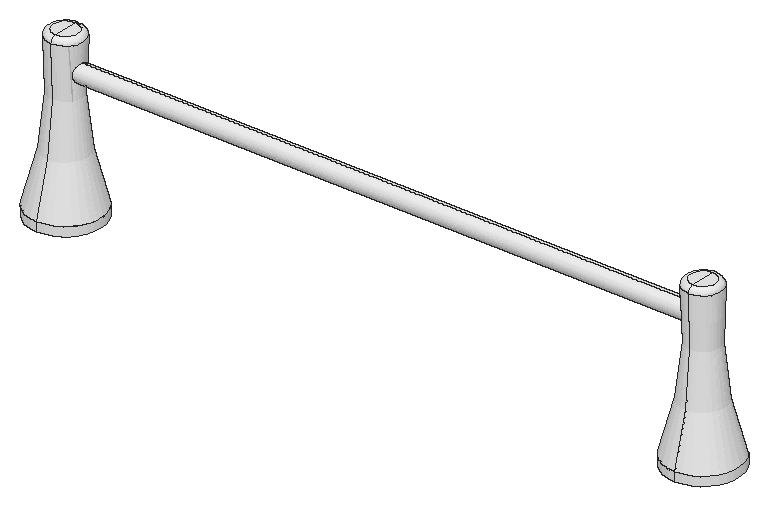
Revit family "xTowel_Bar-American_Standard-C_Series-8337_Series", category Specialty Equipment, host Face, Revit 2014
Parameters (values of type "8337.018")
  Width = 18"
  Warranty Information = "1 Year Warranty"
  URL = "http://www.americanstandard-us.com"
  Type Comments = ""
  Revised Date = "11/22/2016"
  Product Page URL = "https://www.americanstandard-us.com/bathroom/bathroom-accessories/c-series-18-inch-towel-bar-22904"
  Product Documentation Link = "https://www.americanstandard-us.com/-/media/sites/asus/files/product-specs/bulk/specsheet8337018.pdf?la=en"
  Price = "Prices may vary. Please consult Manufacturer Representative for most up-to-date price list."  # constant formula
  Model = "8337.018"
  Material = "Metal-American Standard-002-Polished Chrome"
  Manufacturer = "American Standard"
  Length = 4 11/16"
  Installation Type = "Wall Mounted"
  Height = 2"
  Finish = Metal-American Standard-002-Polished Chrome
  Description = "C Series 18\" Towel Bar."
  Default Elevation = 40"
  Creation Date = "04/04/2014"
  Assembly Code = "C1030220"
Types (3): name | Width | Product Page URL | Product Documentation Link | Model | Description
  (no name) | 18" | "https://www.americanstandard-us.com/bathroom/bathroom-accessories/c-series-18-inch-towel-bar-22904" | "https://www.americanstandard-us.com/-/media/sites/asus/files/product-specs/bulk/specsheet8337018.pdf?la=en" | "8337.018" | "C Series 18\" Towel Bar."
  8337.024 | 24" | "https://www.americanstandard-us.com/bathroom/bathroom-accessories/c-series-24-inch-towel-bar-22908" | "https://www.americanstandard-us.com/-/media/sites/asus/files/product-specs/bulk/specsheet8337024.pdf?la=en" | "8337.024" | "C Series 24\" Towel Bar."
  8337.018 | 18" | "https://www.americanstandard-us.com/bathroom/bathroom-accessories/c-series-18-inch-towel-bar-22904" | "https://www.americanstandard-us.com/-/media/sites/asus/files/product-specs/bulk/specsheet8337018.pdf?la=en" | "8337.018" | "C Series 18\" Towel Bar."
Reference planes (in)
  plane 1 "Center (Front/Back)": y = 0
  plane 2: z = 0
  plane 3 "Center (Left/Right)": x = 0
  plane 4 "Floor Level": y = -40
  plane 5: y = 1
  plane 6: y = -1
  plane 7: x = -9
  plane 8: x = 9
  plane 9: z = 3.75
Forms (in)
  Extrusion 1, solid, material "Metal-American Standard-002-Polished Chrome" <- "Finish"
    sketch origin (3, 0, 0) x (0, 0, -1) y (0, 1, 0)
      loop
        circle (-3.75, 0) r 0.25
    from -12 to 6
  Revolve 2, solid, material "Metal-American Standard-002-Polished Chrome" <- "Finish"
    sketch origin (9, 0, 0) x (0, 0, -1) y (0, -1, 0)
      loop
        line (0, -1) -> (0, 0) -> (-4.6875, 0) -> (-4.6875, -0.35108)
        arc (-4.6875, -0.35108) -> (-4.64272, -0.4592) -> (-4.5346, -0.50399) r 0.1529
        arc (-4.5346, -0.50399) -> (-2.36415, -0.50882) -> (-0.25, -1) r 9.62211
        line (-0.25, -1) -> (0, -1)
      axis (-4.6875, 0) -> (0, 0)
    angle from 0 to 360
  Revolve 3, solid, material "Metal-American Standard-002-Polished Chrome" <- "Finish"
    sketch origin (-9, 0, 0) x (0, 0, -1) y (0, 1, 0)
      loop
        line (0, 1) -> (-0.25, 1)
        arc (-0.25, 1) -> (-2.36415, 0.50882) -> (-4.5346, 0.50399) r 9.62211
        arc (-4.5346, 0.50399) -> (-4.64272, 0.4592) -> (-4.6875, 0.35108) r 0.1529
        line (-4.6875, 0.35108) -> (-4.6875, 0) -> (0, 0) -> (0, 1)
      axis (-4.6875, 0) -> (0, 0)
    angle from 0 to 360
Cuts and joins
  joined: Extrusion 1, Revolve 2, Revolve 3
Lines and regions (in)
  Masking region 1
    outline origin (0, 0, 0) x (1, 0, 0) y (0, 0, 1)
      loop
        arc (-8.49601, 4.5346) -> (-8.54052, 4.64206) -> (-8.64798, 4.68657) r 0.15197
        line (-8.64798, 4.68657) -> (-9.35202, 4.68657)
        arc (-9.35202, 4.68657) -> (-9.45948, 4.64206) -> (-9.50399, 4.5346) r 0.15197
        arc (-9.50399, 4.5346) -> (-9.50946, 2.36422) -> (-10, 0.25) r 9.64688
        line (-10, 0.25) -> (-10, 0) -> (-8.00056, 0) -> (-8.00056, 0.25)
        arc (-8.00056, 0.25) -> (-8.41711, 1.84949) -> (-8.55451, 3.49661) r 9.64657
        line (-8.55451, 3.49661) -> (8.63341, 3.49661)
        arc (8.63341, 3.49661) -> (8.46856, 1.84606) -> (8.02376, 0.24804) r 9.66006
        line (8.02376, 0.24804) -> (8.02376, 0) -> (10.00626, 0) -> (10.00626, 0.25382)
        arc (10.00626, 0.25382) -> (9.51487, 2.37296) -> (9.51089, 4.54834) r 9.64489
        arc (9.51089, 4.54834) -> (9.46287, 4.66427) -> (9.34694, 4.71229) r 0.16395
        line (9.34694, 4.71229) -> (8.6112, 4.71229)
        arc (8.6112, 4.71229) -> (8.48556, 4.66024) -> (8.43351, 4.5346) r 0.17769
        arc (8.43351, 4.5346) -> (8.45951, 4.26505) -> (8.47794, 3.99488) r 9.64688
        line (8.47794, 3.99488) -> (-8.54044, 3.99488)
        arc (-8.54044, 3.99488) -> (-8.52201, 4.26505) -> (-8.49601, 4.5346) r 9.64688
  symbolic lines, detail levels medium+fine
    curve 1: arc (8.47794, 0, 3.99488) -> (8.48944, 0, 3.74587) -> (8.49196, 0, 3.49661) r 6.91084
    curve 2: arc (-8.54044, 0, 3.99488) -> (-8.54938, 0, 3.7458) -> (-8.55449, 0, 3.49661) r 16.22717
  symbolic lines, detail levels fine
    curve 3: line (8.02431, 0, 0.25) -> (10, 0, 0.25)
    curve 4: line (-8.00056, 0, 0.25) -> (-10, 0, 0.25)
Dimensions and locks (in)
  "Default Elevation": plane 4 "Floor Level" to plane 1 "Center (Front/Back)"
  locked: plane 5 to plane 6 at 2
  equal spacing: plane 7, plane 3 "Center (Left/Right)", plane 8
  "Width": plane 7 to plane 8
  locked: plane 9 to level at 3.75
  aligned and locked: plane 2 to host face
  aligned and locked: level to host face
  aligned and locked: Extrusion 1 to plane 8
  aligned and locked: plane 7 to Extrusion 1
  aligned and locked: plane 7 to Revolve 3
  aligned and locked: plane 8 to Revolve 2
  aligned and locked: plane 9 to Extrusion 1 sketch curve
  aligned and locked: plane 1 "Center (Front/Back)" to Extrusion 1 sketch curve
  aligned and locked: Masking region 1 sketch curve to cut or joined group of Extrusion 1, Revolve 2, Revolve 3
  aligned and locked: Masking region 1 sketch curve to Masking region 1 sketch curve  (x4)
  aligned and locked: cut or joined group of Extrusion 1, Revolve 2, Revolve 3 to Masking region 1 sketch curve
  aligned and locked: level to Masking region 1 sketch curve
  aligned and locked: curve 1 to Masking region 1
  aligned and locked: Masking region 1 to curve 1
  aligned and locked: Masking region 1 to curve 2  (x2)
  aligned and locked: curve 3 to curve 3
  aligned and locked: curve 4 to curve 4
  aligned and locked: Revolve 3 sketch curve to plane 1 "Center (Front/Back)"
  aligned and locked: plane 1 "Center (Front/Back)" to Revolve 2 sketch curve
Automatic sketch dimensions
  host sketch curve to host sketch curve = 96"  (x2)
  Revolve 2 sketch curve to plane 1 "Center (Front/Back)" = 0"
  Revolve 2 sketch curve to plane 5 = 0"
  Revolve 2 sketch curve to level = 0"
  level to Revolve 2 sketch curve = 1/4"
  level to Revolve 2 sketch curve = 3.47067"
  Revolve 2 sketch curve to plane 1 "Center (Front/Back)" = 0.35108"
  Revolve 2 sketch curve to Revolve 2 sketch curve = 4.2846"
  Revolve 2 sketch curve to Revolve 2 sketch curve = 0.1529"
  level to Revolve 2 sketch curve = 1.21798"
  Revolve 2 sketch curve to Revolve 2 sketch curve = 1/2"
  Revolve 3 sketch curve to plane 1 "Center (Front/Back)" = 0"
  Revolve 3 sketch curve to plane 5 = 0"
  Revolve 3 sketch curve to level = 0"
  Revolve 3 sketch curve to Revolve 3 sketch curve = 1/4"
  level to Revolve 3 sketch curve = 3.47067"
  Revolve 3 sketch curve to plane 1 "Center (Front/Back)" = 0.35108"
  Revolve 3 sketch curve to Revolve 3 sketch curve = 4.2846"
  Revolve 3 sketch curve to Revolve 3 sketch curve = 0.1529"
  Revolve 3 sketch curve to Revolve 3 sketch curve = 1.21798"
  Revolve 3 sketch curve to Revolve 3 sketch curve = 1/2"
  Masking region 1 sketch curve to Masking region 1 sketch curve = 0.00031"
  Masking region 1 sketch curve to Masking region 1 sketch curve = 0.00161"
  Masking region 1 sketch curve to Masking region 1 sketch curve = 0.12909"
  Masking region 1 sketch curve to Masking region 1 sketch curve = 0.15423"
  Masking region 1 sketch curve to level = 0"
  Masking region 1 sketch curve to plane 9 = 0.2764"
  plane 7 to Masking region 1 sketch curve = 10.09234"
  plane 7 to Masking region 1 sketch curve = 1"
  plane 7 to Masking region 1 sketch curve = 0.35202"
  Masking region 1 sketch curve to plane 7 = 0.35202"
  plane 9 to Masking region 1 sketch curve = 0.24488"
  Masking region 1 sketch curve to plane 7 = 0.45956"
  Masking region 1 sketch curve to plane 7 = 0.99944"
  Masking region 1 sketch curve to plane 9 = 0.12217"
  Masking region 1 sketch curve to plane 3 "Center (Left/Right)" = 1.02576"
  Masking region 1 sketch curve to plane 9 = 0.27802"
  level to Masking region 1 sketch curve = 0.24804"
  plane 8 to Masking region 1 sketch curve = 0.97624"
  plane 8 to Masking region 1 sketch curve = 0.52206"
  Masking region 1 sketch curve to plane 9 = 0.25339"
  plane 8 to Masking region 1 sketch curve = 0.3888"
  Masking region 1 sketch curve to plane 8 = 0.34694"
  Masking region 1 sketch curve to plane 8 = 1.00626"
  Masking region 1 sketch curve to plane 9 = 0.27184"
  Masking region 1 sketch curve to Masking region 1 sketch curve = 9.08997"
  Masking region 1 sketch curve to Masking region 1 sketch curve = 1/4"
  Masking region 1 sketch curve to Masking region 1 sketch curve = 0.25382"
  plane 9 to Masking region 1 sketch curve = 0.79834"
  Masking region 1 sketch curve to plane 7 = 0.44549"
  curve 1 to plane 9 = 0.19843"
  plane 3 "Center (Left/Right)" to curve 1 = 1.58133"
  curve 2 to plane 9 = 0.4617"
  plane 8 to curve 2 = 1.32866"
  level to curve 4 = 1/4"
  curve 4 to plane 7 = 0.99944"
  curve 2 to plane 7 = 0.45956"
  plane 7 to curve 4 = 1"
  level to curve 3 = 1/4"
  plane 8 to curve 3 = 0.97569"
  plane 8 to curve 1 = 0.52206"
  curve 3 to plane 8 = 1"
  radius of Extrusion 1 sketch curve = 1/4"
